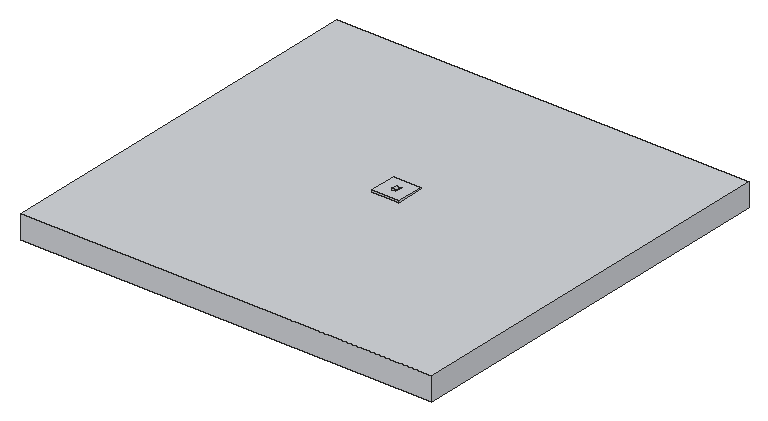
Revit family "EP_Double Pole Wall Switch", category Electrical Fixtures, host Face, Revit 2013
Parameters (values of type "Double Pole")
  Switch Voltage [instance] = 230 V
  Load Classification [instance] = Cooker
  Label = "3"
  Default Elevation = 1200 mm
  Assembly Code = ""
  Apparent Load [instance] = 1500 W
Reference planes
  plane 1 "Center (Front/Back)": y = 0
  plane 2: z = 0
  plane 3 "Center (Left/Right)": x = 0
  plane 4 "level above": z = 4.762
  plane 5 "level below": z = -53.975
  plane 6: x = -43
  plane 7: x = 43
  plane 8: y = 43
  plane 9: y = -43
  plane 10: y = 32
  plane 11: y = -32
  plane 12: x = -32
  plane 13: x = 32
Forms (mm)
  Extrusion 1, solid
    sketch origin (0, 0, 0) x (1, 0, 0) y (0, 1, 0)
      loop
        line (-644.525, 571.5) -> (-644.525, -666.75) -> (644.525, -666.75) -> (644.525, 571.5) -> (-644.525, 571.5)
    from 0 to -72.672
  Extrusion 2, solid
    sketch origin (0, 0, 0) x (1, 0, 0) y (0, 1, 0)
      loop
        line (-43, 43) -> (-43, -43) -> (43, -43) -> (43, 43) -> (-43, 43)
    from 0 to 4.762
  Extrusion 3, solid
    sketch origin (0, 0, 0) x (1, 0, 0) y (0, 1, 0)
      loop
        line (-32, 32) -> (-32, -32) -> (32, -32) -> (32, 32) -> (-32, 32)
    from 0 to -53.975
  Extrusion 4, solid
    sketch origin (0, 0, 0) x (0, 1, 0) y (0, 0, 1)
      loop
        line (11, 4.8) -> (-11, 10) -> (-11, 4.8) -> (11, 4.8)
    from -7 to 7
Lines and regions (mm)
  Masking region 1
    outline origin (0, -0.609, 4.762) x (-1, 0, 0) y (0, -1, 0)
      loop
        line (10, -23.609) -> (-10, -23.609) -> (-10, -33.609) -> (10, -33.609) -> (10, -23.609)
Dimensions and locks
  locked: plane 4 "level above" to level at 4.763
  locked: level to plane 5 "level below" at 53.975
  plane 6 to plane 3 "Center (Left/Right)" to plane 7 = 43 mm, 43 mm
  plane 6 to plane 7 = 86 mm
  plane 1 "Center (Front/Back)" to plane 9 = 43 mm
  plane 1 "Center (Front/Back)" to plane 8 = 43 mm
  plane 12 to plane 3 "Center (Left/Right)" to plane 13 = 32 mm, 32 mm
  plane 10 to plane 1 "Center (Front/Back)" to plane 11 = 32 mm, 32 mm
  plane 12 to plane 13 = 64 mm
  plane 10 to plane 11 = 64 mm
  aligned and locked: plane 2 to Extrusion 1
  aligned and locked: level to Extrusion 1
  aligned and locked: Extrusion 2 to level
  aligned and locked: plane 4 "level above" to Extrusion 2
  aligned and locked: Extrusion 3 to level
  aligned and locked: Extrusion 3 to plane 5 "level below"
Nested families
  nested 1: "EP_DPWS" at (0, 0, 0), type "EP_DPWS"
Connectors
  electrical at (0, 32, -26.988), driven by "Switch Voltage", driven by "Apparent Load", driven by "Load Classification"
    settings: on Extrusion 3, index 1, voltage 230 V, apparent load 0 W, apparent load phase1 1500 W, apparent load phase2 0 W, apparent load phase3 0 W, power factor 1, load classification "Cooker", number of poles 1, system type 31, power factor state 1, is connector primary yes, connector utility no, sub classification motor no, connector description ""
Definition of nested family "EP_DPWS"
  Reference planes
    plane 1: y = 0
    plane 2: x = 0
  Lines and regions (mm)
    Filled region 1, type "Filled region 1"
      outline origin (0, 0, 0) x (1, 0, 0) y (0, 1, 0)
        loop
          circle (-0.019, 3.832) r 0.788
    detail lines, style "Power Symbols"
      curve 1: line (-1.488, 0, 0) -> (1.464, 0, 0)
      curve 2: line (1.464, 0, 0) -> (1.464, 3.045, 0)
      curve 3: line (1.464, 3.045, 0) -> (-1.488, 3.045, 0)
      curve 4: line (-1.488, 3.045, 0) -> (-1.488, 0, 0)
